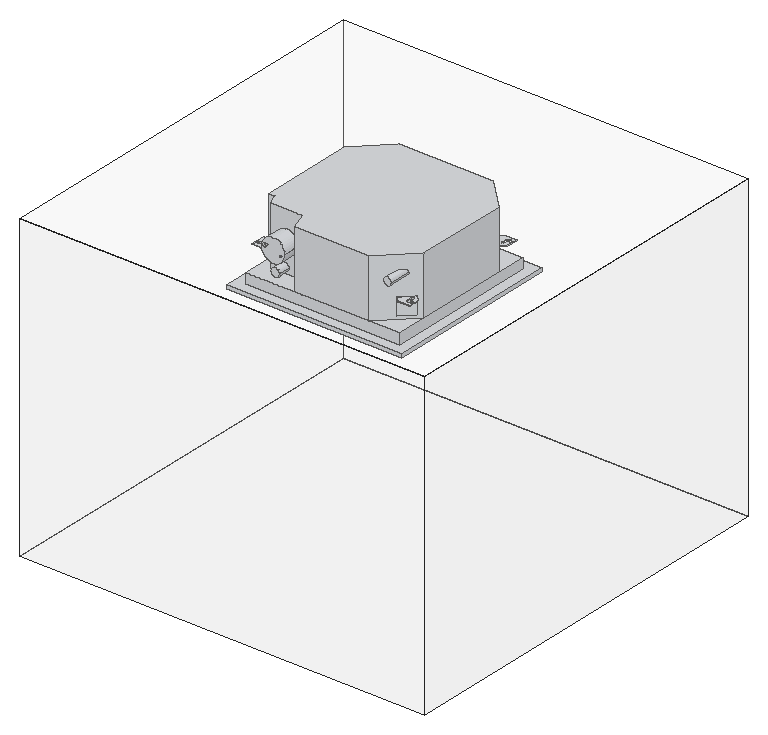
Revit family "pl-rp28_80ga7_50hz", category 機械設備, Revit 2019
Family settings
  丸型コネクタ寸法 = 直径を使用
  パーツ タイプ = 標準
  OmniClass 番号 = 23.75.10.24.21.27.27
  OmniClass タイトル = Split System Air Conditioning Units
  作業面ベース = いいえ
  常に垂直 = はい
  ロード時にボイドで切り取り = いいえ
  共有 = いいえ
  部屋計算ポイント = はい
Parameters (values of type "天井4方向_PL-RP80GA7")
  風量_静 (㎥/min) = 11
  風量_強 (㎥/min) = 15
  風量_弱 (㎥/min) = 12
  風量_中 (㎥/min) = 13.5
  風量 = MAX風量  # 900.0 m³/h
  音響パワーレベル(dB) = [音響パワーレベル_強 (dB)]  # 58
  音響パワーレベル_静 (dB) = 53
  音響パワーレベル_強 (dB) = 58
  音響パワーレベル_弱 (dB) = 54
  音響パワーレベル_中 (dB) = 56
  電源種別 = ""
  電源_H = 0 mm
  電圧 = 0 V
  電動機出力_送風機 = 0.05 kW
  運転質量 = 0.00 kg
  連動 = ""
  質量 = if(製品質量 > 運転質量, 製品質量, 運転質量) * 1.2  # 24.72 kg
  負荷分類 = 3_ファン類
  製品質量_本体 = 17.00 kg
  製品質量_パネル = 3.60 kg
  構成品番 = "PL-RP80GA7"
  ドレン管径 (外径) = 32 mm
  ドレン管径 = 25 mm
  サービススペース = yes
  【値が 0 の項目は組合せ形名にてご確認ください】 = ""
  URL = "https://www.mitsubishielectric.co.jp/ldg/wink/ssl/top.do"
  説明 = "店舗・事務所用パッケージエアコン(Mr.SLIM) [本体]4方向天井カセット形<コンパクトタイプ>"
  設計暖房能力 = 0.00 kW
  設計冷房能力_顕熱 = 0 kW
  設計冷房能力 = 0 kW
  設置方法 = "カセット形"
  記号 = ""
  製造元 = "三菱電機株式会社"
  製品質量 = 製品質量_本体 + 製品質量_パネル  # 20.60 kg
  製品出荷対象 = "国内"
  製品リリース年月 = ""
  製品グループ = ""
  系統 = ""
  符号 = "PAC-CK4"
  積算_科目 = "1 空気調和設備"
  積算_拾い区分 [instance] = ""
  相 = 1
  盤記号 = ""
  発停方法 = "付属スイッチ"
  特殊仕様 = ""
  火災停止 = ""
  消費電力_暖房 = 0.04 kW
  消費電力_冷房 = 0.04 kW
  消費電力 = if(消費電力_冷房 > 消費電力_暖房, 消費電力_冷房, 消費電力_暖房)  # 0.04 kW
  法定耐用年数 = "6"
  極数 = 1
  材質 = ""
  本体マテリアル = none
  有効加湿量 = 0
  暖房能力 = 8.00 kW
  推奨ブレーカー容量 = 0 A
  形式_加湿器 = ""
  形式 = "カセット形（4方向吹出形）"
  幹線記号 = ""
  始動方式 = "直入"
  呼称 = "パッケージ形空気調和機_室内機"
  周波数 = 50 Hz
  吊り位置Y = 507 mm
  吊り位置X = 640 mm
  吊りボルト_H = 134 mm
  台数_手元リモコン = ""
  台数_冷媒分岐ユニット = ""
  参照している仕様書等のバージョン = "公共建築工事標準仕様書（機械設備工事編）平成31年度版"
  加湿給水管径 = 0 mm
  分類コード = "5.0053E+13"
  分類グループ = ""
  冷房能力 = 7.1 kW
  冷媒高低圧ガス管径 = 0 mm
  冷媒管径符号 = "Bd"
  冷媒管径 = 100 mm
  冷媒液管高さ = 159 mm
  冷媒液管長さ = 75 mm
  冷媒液管径 = 9.5 mm
  冷媒ガス管高さ = 183 mm
  冷媒ガス管長さ = 80 mm
  冷媒ガス管径 = 15.9 mm
  企業コード = "108420"
  付属品_フィルター = ""
  付属品 = ""
  仕様書バージョン = "Version1.0"
  Model = ""
  パネルマテリアル = none
  ドレン管高さ = 227 mm
  コメント [instance] = ""
  ケーブル種類 = ""
  ケーブルサイズ = 0 mm
  Width = 670 mm
  Version = ""
  Uniclass2015Version = "Systems v1.9"
  Uniclass2015Title = "Split coil remote air cooled condensing units"
  Uniclass2015Code = "Pr_70_65_03_84"
  SpecificationReference = ""
  SpecificationDescription = ""
  Revision = ""
  ProductInformation = ""
  Panel Width = 760 mm
  Panel Height = 15 mm
  Panel Depth = 760 mm
  OmniClassCode = "23-33 17 13 11"
  MIN風量 = [風量_静 (㎥/min)] * 60.0 m³/h  # 660.0 m³/h
  MID風量2 = [風量_弱 (㎥/min)] * 60.0 m³/h  # 720.0 m³/h
  MID風量 = [風量_中 (㎥/min)] * 60.0 m³/h  # 810.0 m³/h
  MAX風量 = [風量_強 (㎥/min)] * 60.0 m³/h  # 900.0 m³/h
  IfcTypeProduct = ""
  IfcProduct = ""
  IfcExportType = "AIRCONDITIONINGUNIT"
  IfcExportAs = "IfcUnitaryEquipmentType"
  Height = 298 mm
  Depth = 670 mm
  価格 = 0
  Clearance Top = 305 mm
  Clearance Right = 500 mm
  Clearance Left = 500 mm
  Clearance Front = 500 mm
  Clearance Bottom = 1000 mm
  Clearance Back = 500 mm
  Author = "三菱電機株式会社"
Types (8, lengths in mm): name | 風量_静 (㎥/min) | 風量_強 (㎥/min) | 風量_弱 (㎥/min) | 風量_中 (㎥/min) | 風量 | 音響パワーレベル(dB) | 音響パワーレベル_静 (dB) | 音響パワーレベル_強 (dB) | 音響パワーレベル_弱 (dB) | 音響パワーレベル_中 (dB) | 構成品番 | URL | 消費電力_暖房 | 消費電力_冷房 | 消費電力 | 暖房能力 | 冷房能力 | 冷媒管径符号 | 冷媒液管長さ | 冷媒液管径 | 冷媒ガス管長さ | 冷媒ガス管径 | MIN風量 | MID風量2 | MID風量 | MAX風量
  天井4方向_PL-RP28GA7 | 6.3 | 8.7 | 7.1 | 7.8 | 522.0 m³/h | 50 | 47 | 50 | 48 | 49 | "PL-RP28GA7" | "https://www.mitsubishielectric.co.jp/ldg/wink/ssl/top.do\"\"" | 0.03 kW | 0.03 kW | 0.03 kW | 2.80 kW | 2.5 kW | "Ac" | 71 | 6.4 | 76 | 12.7 | 378.0 m³/h | 426.0 m³/h | 468.0 m³/h | 522.0 m³/h
  天井4方向_PL-RP40GA7 | 8.5 | 12 | 9 | 9.5 | 720.0 m³/h | 53 | 48 | 53 | 49 | 51 | "PL-RP40GA7" | "https://www.mitsubishielectric.co.jp/ldg/wink/ssl/top.do" | 0.03 kW | 0.03 kW | 0.03 kW | 4.00 kW | 3.6 kW | "Ac" | 71 | 6.4 | 76 | 12.7 | 510.0 m³/h | 540.0 m³/h | 570.0 m³/h | 720.0 m³/h
  天井4方向_PL-RP45GA7 | 8.5 | 12 | 9 | 9.5 | 720.0 m³/h | 53 | 48 | 53 | 49 | 51 | "PL-RP45GA7" | "https://www.mitsubishielectric.co.jp/ldg/wink/ssl/top.do" | 0.03 kW | 0.03 kW | 0.03 kW | 4.50 kW | 4 kW | "Ac" | 71 | 6.4 | 76 | 12.7 | 510.0 m³/h | 540.0 m³/h | 570.0 m³/h | 720.0 m³/h
  天井4方向_PL-RP50GA7 | 9.5 | 12.5 | 10 | 12 | 750.0 m³/h | 54 | 49 | 54 | 50 | 53 | "PL-RP50GA7" | "https://www.mitsubishielectric.co.jp/ldg/wink/ssl/top.do" | 0.03 kW | 0.03 kW | 0.03 kW | 5.00 kW | 4.5 kW | "Ac" | 71 | 6.4 | 76 | 12.7 | 570.0 m³/h | 600.0 m³/h | 720.0 m³/h | 750.0 m³/h
  天井4方向_PL-RP56GA7 | 9.5 | 14 | 10 | 12.5 | 840.0 m³/h | 56 | 49 | 56 | 50 | 54 | "PL-RP56GA7" | "https://www.mitsubishielectric.co.jp/ldg/wink/ssl/top.do" | 0.03 kW | 0.03 kW | 0.03 kW | 5.60 kW | 5 kW | "Ac" | 71 | 6.4 | 76 | 12.7 | 570.0 m³/h | 600.0 m³/h | 750.0 m³/h | 840.0 m³/h
  天井4方向_PL-RP63GA7 | 10 | 14.5 | 11.5 | 13 | 870.0 m³/h | 57 | 50 | 57 | 53 | 55 | "PL-RP63GA7" | "https://www.mitsubishielectric.co.jp/ldg/wink/ssl/top.do" | 0.04 kW | 0.04 kW | 0.04 kW | 6.30 kW | 5.6 kW | "Ac" | 71 | 6.4 | 76 | 12.7 | 600.0 m³/h | 690.0 m³/h | 780.0 m³/h | 870.0 m³/h
  天井4方向_PL-RP71GA7 | 11 | 15 | 12 | 13.5 | 900.0 m³/h | 58 | 53 | 58 | 54 | 56 | "PL-RP71GA7" | "https://www.mitsubishielectric.co.jp/ldg/wink/ssl/top.do" | 0.04 kW | 0.04 kW | 0.04 kW | 7.10 kW | 6.3 kW | "Bd" | 75 | 9.5 | 80 | 15.9 | 660.0 m³/h | 720.0 m³/h | 810.0 m³/h | 900.0 m³/h
  天井4方向_PL-RP80GA7 | 11 | 15 | 12 | 13.5 | 900.0 m³/h | 58 | 53 | 58 | 54 | 56 | "PL-RP80GA7" | "https://www.mitsubishielectric.co.jp/ldg/wink/ssl/top.do" | 0.04 kW | 0.04 kW | 0.04 kW | 8.00 kW | 7.1 kW | "Bd" | 75 | 9.5 | 80 | 15.9 | 660.0 m³/h | 720.0 m³/h | 810.0 m³/h | 900.0 m³/h
Reference planes
  plane 1 "中心(正面/背面)": y = 0
  plane 2: z = 0
  plane 3 "中心(左/右)": x = 0
  plane 4: x = -380
  plane 5: x = 380
  plane 6: y = 380
  plane 7: y = -380
  plane 8: z = 298
  plane 9: z = 305
  plane 10: x = -320
  plane 11: x = 320
  plane 12: y = 253.5
  plane 13: y = -253.5
  plane 14: z = 46
  plane 15: y = 335
  plane 16: y = -335
  plane 17: x = -335
  plane 18: x = 335
  plane 19: x = -880
  plane 20: x = 880
  plane 21: y = 880
  plane 22: y = -880
  plane 23: z = 298
  plane 24: z = -15
  plane 25: z = -1015
  plane 26: z = 305
  plane 27 "冷媒管基準面": y = -255
  plane 28: x = -186
  plane 29: z = 159
  plane 30: y = -335
  plane 31: y = -330
Forms (mm)
  Extrusion 1, solid, detail levels fine
    sketch origin (0, -255, 15) x (1, 0, 0) y (0, 0, 1)
      loop
        circle (-186, 144) r 3.175
    from 0 to 75
  Extrusion 2, solid, detail levels fine
    sketch origin (-67, -255, 39) x (1, 0, 0) y (0, 0, 1)
      loop
        circle (-186, 144) r 6.35
    from 0 to 80
Dimensions and locks
  equal spacing: plane 4, plane 3 "中心(左/右)", plane 5
  plane 4 to plane 5 = 760 mm
  equal spacing: plane 7, plane 1 "中心(正面/背面)", plane 6
  plane 7 to plane 6 = 760 mm
  locked: plane 12 to plane 6 at 126.5
  plane 7 to plane 13 = 126.5 mm
  plane 4 to plane 10 = 60 mm
  locked: plane 11 to plane 5 at 60
  "吊り位置X": plane 10 to plane 11
  equal spacing: plane 10, plane 3 "中心(左/右)", plane 11
  equal spacing: plane 13, plane 1 "中心(正面/背面)", plane 12
  "吊り位置Y": plane 13 to plane 12
  equal spacing: plane 16, plane 1 "中心(正面/背面)", plane 15
  "Depth": plane 16 to plane 15
  equal spacing: plane 17, plane 3 "中心(左/右)", plane 18
  "Width": plane 17 to plane 18
  locked: plane 14 to level at 46
  "Clearance Left": plane 19 to plane 4
  "Clearance Right": plane 5 to plane 20
  "Clearance Back": plane 6 to plane 21
  locked: level to plane 24 at 15
  "Clearance Bottom": plane 24 to plane 25
  "Clearance Front": plane 22 to plane 7
  "Clearance Top": plane 26 to plane 2
  "Height": level to nested 3
  plane 29 to plane 2 = 159 mm
  nested 3 to level = 134 mm
  "冷媒液管長さ": plane 31 to plane 27 "冷媒管基準面"
  "冷媒ガス管長さ": plane 30 to plane 27 "冷媒管基準面"
  aligned and locked: level to plane 2
  aligned and locked: plane 10 to nested 2
  aligned and locked: plane 11 to nested 2
  aligned and locked: nested 2 to plane 12
  aligned and locked: plane 13 to nested 2
  aligned and locked: plane 19 to nested 1
  aligned and locked: plane 20 to nested 1
  aligned and locked: plane 22 to nested 1
  aligned and locked: plane 21 to nested 1
  aligned and locked: plane 25 to nested 1
  aligned and locked: plane 5 to nested 3
  aligned and locked: plane 15 to nested 3
  aligned and locked: plane 6 to nested 3
  aligned and locked: plane 7 to nested 3
  aligned and locked: plane 26 to nested 1
  aligned and locked: plane 31 to Extrusion 1
  aligned and locked: plane 30 to Extrusion 2
Automatic sketch dimensions
  Extrusion 1 sketch curve to plane 28 = 0 mm
  Extrusion 1 sketch curve to plane 29 = 0 mm
  plane 29 to Extrusion 2 sketch curve = 24 mm
  plane 10 to Extrusion 2 sketch curve = 67 mm
  radius of Extrusion 1 sketch curve = 3.175 mm
  radius of Extrusion 2 sketch curve = 6.35 mm
Nested families
  nested 1: "サービススペース" at (0, 0, -355), visible <- "サービススペース", type "サービススペース", detail levels fine
    with Width 1760 mm, Height 1320 mm, Depth 1760 mm
  nested 2: "固定点" at (-320, -253.5, 0), type "固定点"
    with W 640 mm, D 507 mm
  nested 3: "PL-RP_GA" at (0, 0, 0), type "PL-RP_GA"
    with ユニット表示 yes, 液配管サイズ 9.5 mm, 冷媒液管径-Y 75 mm, 冷媒ガス管径-Y 80 mm, ガス配管サイズ 15.9 mm
Connectors
  piping at (-219.5, -330, 171), diameter 100, driven by "冷媒管径", driven by "冷媒管径符号"
    settings: on nested 3, index 1, connector inside diameter 609.6 mm, connector length 0 mm, flow factor 0, pipe flow 0.0 L/s, pressure drop 0.0 Pa, fitting loss kfactor 0, connector angle 0.00°, fixture units 0, engagement length 0 mm, angle of deflection 0.00°, flow configuration 1, flow direction 1, fitting loss method 4, system type 7, joint type 0, gender type 0, connector reference index -1, connector utility 0, adjustable connector no, is connector primary yes, connector description "Bd"
  piping at (281, -332, 227), diameter 25, driven by "ドレン管径"
    settings: on nested 3, index 2, connector inside diameter 609.6 mm, connector length 0 mm, flow factor 0, pipe flow 0.0 L/s, pressure drop 0.0 Pa, fitting loss kfactor 0, connector angle 0.00°, fixture units 0, engagement length 0 mm, angle of deflection 0.00°, flow configuration 1, flow direction 2, fitting loss method 4, system type 16, joint type 0, gender type 0, connector reference index -1, connector utility 0, adjustable connector no, is connector primary no, connector description ""
  electrical at (-230, -305, 70), driven by "極数", driven by "負荷分類", driven by "電圧", driven by "消費電力"
    settings: on nested 3, index 3, voltage 0 V, apparent load 40 VA, apparent load phase1 0 VA, apparent load phase2 0 VA, apparent load phase3 0 VA, power factor 1, load classification "3_ファン類", number of poles 1, system type 30, power factor state 1, is connector primary yes, connector utility no, sub classification motor no, connector description ""
Definition of nested family "サービススペース"
  Parameters (values of type "サービススペース")
    Width [instance] = 500 mm
    Height [instance] = 500 mm
    Depth [instance] = 500 mm
  Reference planes
    plane 1 "中心(正面/背面)": y = 0
    plane 2: z = 0
    plane 3 "中心(左/右)": x = 0
    plane 4: y = -250
    plane 5: x = 250
    plane 6: y = 250
    plane 7: x = -250
    plane 8: z = 250
    plane 9: z = -250
  Forms (mm)
    Extrusion 1, solid
      sketch origin (-638.939, 0, 72.39) x (1, 0, 0) y (0, 1, 0)
        loop
          line (388.939, 250) -> (388.939, -250) -> (888.939, -250) -> (888.939, 250) -> (388.939, 250)
      from -322.39 to 177.61
  Lines and regions (mm)
    symbolic lines
      curve 1: line (-250, 0, 250) -> (250, 0, 250)
      curve 2: line (-250, 0, -250) -> (-250, 0, 250)
      curve 3: line (250, 0, -250) -> (-250, 0, -250)
      curve 4: line (250, 0, 250) -> (250, 0, -250)
      curve 5: line (0, -250, 250) -> (0, 250, 250)
      curve 6: line (0, -250, -250) -> (0, -250, 250)
      curve 7: line (0, 250, -250) -> (0, -250, -250)
      curve 8: line (0, 250, 250) -> (0, 250, -250)
      curve 9: line (-250, 250, 0) -> (250, 250, 0)
      curve 10: line (-250, -250, 0) -> (-250, 250, 0)
      curve 11: line (250, -250, 0) -> (-250, -250, 0)
      curve 12: line (250, 250, 0) -> (250, -250, 0)
  Dimensions and locks
    equal spacing: plane 7, plane 3 "中心(左/右)", plane 5
    equal spacing: plane 4, plane 1 "中心(正面/背面)", plane 6
    "Depth": plane 4 to plane 6
    "Width": plane 7 to plane 5
    equal spacing: plane 8, plane 2, plane 9
    "Height": plane 8 to plane 9
    aligned and locked: plane 9 to curve 3
    aligned and locked: plane 7 to curve 2
    aligned and locked: curve 4 to plane 5
    aligned and locked: plane 5 to Extrusion 1
    aligned and locked: Extrusion 1 to plane 7
    aligned and locked: Extrusion 1 to plane 9
    aligned and locked: plane 8 to Extrusion 1
    aligned and locked: plane 9 to curve 7
  Automatic sketch dimensions
    plane 4 to Extrusion 1 sketch curve = 0 mm
    Extrusion 1 sketch curve to plane 7 = 0 mm
    Extrusion 1 sketch curve to plane 5 = 0 mm
    plane 6 to Extrusion 1 sketch curve = 0 mm
    curve 2 to plane 8 = 0 mm
    plane 4 to curve 11 = 0 mm
    curve 11 to plane 7 = 0 mm
    curve 11 to plane 5 = 0 mm
    plane 6 to curve 10 = 0 mm
    curve 7 to plane 4 = 0 mm
    curve 7 to plane 6 = 0 mm
    curve 6 to plane 8 = 0 mm
Definition of nested family "PL-RP_GA"
  Parameters (values of type "PL-RP○○GA3")
    配線取出口サイズ = 36 mm
    配線取出口-Z = 70 mm
    配線取出口-Y = 50 mm
    配線取出口-X = 230 mm
    液配管サイズ = 6.4 mm
    A = 幅さ + 90 mm  # 760 mm
    高さ = 298 mm
    奥行き = 670 mm
    吊りボルト_H = 134 mm
    冷媒配管 = 100 mm
    冷媒液管径-Z = 159 mm
    冷媒液管径-Y = 71 mm
    冷媒液管径-X = 186 mm
    冷媒ガス管径-Z = 183 mm
    冷媒ガス管径-Y = 76 mm
    冷媒ガス管径-X = 253 mm
    ユニット表示 [instance] = yes
    ボルトピッチ = 507 mm
    ドレン配管サイズ = 32 mm
    ドレン管径-Z = 227 mm
    ドレン管径-Y = 77 mm
    ドレン管径-X = 281 mm
    ガス配管サイズ = 12.7 mm
    D = 幅さ - 30 mm  # 640 mm
    幅さ = 670 mm
    B = 幅さ + 40 mm  # 710 mm
  Reference planes
    plane 1 "中心(正面/背面)": y = 0
    plane 2: z = 0
    plane 3 "中心(左/右)": x = 0
    plane 4: x = -355
    plane 5: x = 355
    plane 6: x = -335
    plane 7: x = 335
    plane 8: x = -320
    plane 9: x = 320
    plane 10: y = 253.5
    plane 11: y = -253.5
    plane 12: y = 335
    plane 13: y = -335
    plane 14: x = -380
    plane 15: x = 380
    plane 16: z = -15
    plane 17: z = 46
    plane 18: z = 298
    plane 19: z = 134
    plane 20: z = 136
    plane 21: z = 227
    plane 22: z = 159
    plane 23: z = 183
    plane 24: z = 60
    plane 25: y = 380
    plane 26: y = -380
    plane 27: x = -253
    plane 28: x = -150
    plane 29: x = -123
    plane 30: x = -186
    plane 31: x = 281
    plane 32: x = 202
    plane 33: y = -255
    plane 34: y = -207
    plane 35: y = -331
    plane 36: y = -326
    plane 37 "ドレン管接続口": y = -332
    plane 38: y = -202
    plane 39: y = 291.5
    plane 40: y = 275.5
    plane 41: y = 263.5
    plane 42: x = -326
    plane 43: x = -314
    plane 44: x = -343
    plane 45: x = 314
    plane 46: x = 326
    plane 47: x = 343
    plane 48: y = -291.5
    plane 49: y = -275.5
    plane 50: y = -263.5
    plane 51: x = -230
    plane 52: y = 202
    plane 53: x = -202
    plane 54: z = 70
    plane 55: y = -305
  Forms (mm)
    Extrusion 1, solid, visible <- "ユニット表示"
      sketch origin (0, 0, 0) x (1, 0, 0) y (0, 1, 0)
        loop
          line (-380, 380) -> (-380, -380) -> (380, -380) -> (380, 380) -> (-380, 380)
      from -15 to 0
    Extrusion 2, solid, visible <- "ユニット表示", detail levels fine
      sketch origin (0, 0, 0) x (1, 0, 0) y (0, 1, 0)
        loop
          line (-203.39, 335) -> (-335, 203.39) -> (-335, -207) -> (-309.258, -207) -> (-288.883, -255) -> (-150, -255) -> (-123.033, -335) -> (202, -335) -> (335, -202) -> (335, 203.39) -> (203.39, 335) -> (-203.39, 335)
      from 46 to 298
    Extrusion 3, solid, visible <- "ユニット表示", detail levels fine
      sketch origin (0, 0, 0) x (1, 0, 0) y (0, 1, 0)
        loop
          line (335, 335) -> (-335, 335) -> (-335, -335) -> (335, -335) -> (335, 335)
      from 0 to 46
    Extrusion 4, solid, visible <- "ユニット表示", detail levels fine
      sketch origin (0, 0, 0) x (1, 0, 0) y (0, 0, 1)
        loop
          circle (-219.5, 171) r 50
      from 255 to 326
    Extrusion 5, solid, visible <- "ユニット表示", detail levels fine
      sketch origin (0, 0, 0) x (1, 0, 0) y (0, 1, 0)
        loop
          line (-343, -291.5) -> (-300.314, -291.5) -> (-290.686, -250.751) -> (-306.998, -212.324) -> (-343, -227.606) -> (-343, -263.5) -> (-329, -263.5)
          arc (-329, -263.5) -> (-326.879, -262.621) -> (-326, -260.5) r 3
          line (-326, -260.5) -> (-326, -249.5)
          arc (-326, -249.5) -> (-320, -243.5) -> (-314, -249.5) r 6
          line (-314, -249.5) -> (-314, -269.478)
          arc (-314, -269.478) -> (-315.757, -273.721) -> (-320, -275.5) r 6
          line (-320, -275.5) -> (-343, -275.5) -> (-343, -291.5)
        loop
          line (-343, 275.5) -> (-320, 275.5)
          arc (-320, 275.5) -> (-315.757, 273.743) -> (-314, 269.5) r 6
          line (-314, 269.5) -> (-314, 249.5)
          arc (-314, 249.5) -> (-320, 243.5) -> (-326, 249.5) r 6
          line (-326, 249.5) -> (-326, 260.5)
          arc (-326, 260.5) -> (-326.879, 262.621) -> (-329, 263.5) r 3
          line (-329, 263.5) -> (-343, 263.5) -> (-343, 244.959) -> (-318.215, 220.175) -> (-270.214, 268.176) -> (-293.539, 291.5) -> (-343, 291.5) -> (-343, 275.5)
        loop
          line (343, 291.5) -> (293.539, 291.5) -> (270.214, 268.176) -> (318.215, 220.175) -> (343, 244.959) -> (343, 263.5) -> (329, 263.5)
          arc (329, 263.5) -> (326.879, 262.621) -> (326, 260.5) r 3
          line (326, 260.5) -> (326, 249.5)
          arc (326, 249.5) -> (320, 243.5) -> (314, 249.5) r 6
          line (314, 249.5) -> (314, 269.5)
          arc (314, 269.5) -> (315.757, 273.743) -> (320, 275.5) r 6
          line (320, 275.5) -> (343, 275.5) -> (343, 291.5)
        loop
          line (293.539, -291.5) -> (343, -291.5) -> (343, -275.5) -> (320, -275.5)
          arc (320, -275.5) -> (315.757, -273.743) -> (314, -269.5) r 6
          line (314, -269.5) -> (314, -249.5)
          arc (314, -249.5) -> (320, -243.5) -> (326, -249.5) r 6
          line (326, -249.5) -> (326, -260.5)
          arc (326, -260.5) -> (326.879, -262.621) -> (329, -263.5) r 3
          line (329, -263.5) -> (343, -263.5) -> (343, -244.959) -> (317.52, -219.48) -> (269.519, -267.481) -> (293.539, -291.5)
      from 134 to 136
    Extrusion 6, solid, visible <- "ユニット表示", detail levels fine
      sketch origin (0, 0, 0) x (1, 0, 0) y (0, 1, 0)
        loop
          line (-306.998, -212.324) -> (-308.839, -213.105) -> (-291.463, -254.04) -> (-289.622, -253.258) -> (-306.998, -212.324)
        loop
          line (-271.629, 269.59) -> (-319.63, 221.589) -> (-318.245, 220.204) -> (-270.244, 268.205) -> (-271.629, 269.59)
        loop
          line (271.629, 269.59) -> (270.244, 268.205) -> (318.245, 220.204) -> (319.63, 221.589) -> (271.629, 269.59)
        loop
          line (270.934, -268.895) -> (318.935, -220.894) -> (317.52, -219.48) -> (269.519, -267.481) -> (270.934, -268.895)
      from 60 to 136
    Extrusion 7, solid, visible <- "ユニット表示", detail levels fine
      sketch origin (0, 0, 0) x (1, 0, 0) y (0, 0, 1)
        loop
          circle (-230, 70) r 18
      from 255 to 305
    Extrusion 8, solid, detail levels fine
      sketch origin (0, -332, 0) x (-1, 0, 0) y (0, 0, 1)
        loop
          circle (-281, 227) r 16
      from 0 to 100
  Cuts and joins
    joined: Extrusion 5, Extrusion 6
  Dimensions and locks
    equal spacing: plane 4, plane 3 "中心(左/右)", plane 5
    "B": plane 4 to plane 5
    equal spacing: plane 6, plane 3 "中心(左/右)", plane 7
    "幅さ": plane 6 to plane 7
    equal spacing: plane 8, plane 3 "中心(左/右)", plane 9
    "D": plane 8 to plane 9
    equal spacing: plane 11, plane 1 "中心(正面/背面)", plane 10
    "ボルトピッチ": plane 10 to plane 11
    equal spacing: plane 12, plane 1 "中心(正面/背面)", plane 13
    "奥行き": plane 12 to plane 13
    "A": plane 14 to plane 15
    equal spacing: plane 14, plane 3 "中心(左/右)", plane 15
    locked: plane 2 to plane 16 at 15
    locked: plane 17 to plane 2 at 46
    "吊りボルト_H": plane 19 to level
    locked: plane 20 to plane 19 at 2
    "ドレン管径-Z": plane 21 to level
    "冷媒液管径-Z": plane 22 to level
    "冷媒ガス管径-Z": plane 23 to level
    plane 24 to level = 60 mm
    equal spacing: plane 25, plane 1 "中心(正面/背面)", plane 26
    "A": plane 25 to plane 26
    locked: plane 6 to plane 28 at 185
    locked: plane 6 to plane 29 at 212
    locked: plane 32 to plane 7 at 133
    "冷媒ガス管径-X": plane 27 to plane 3 "中心(左/右)"
    "冷媒液管径-X": plane 30 to plane 3 "中心(左/右)"
    "ドレン管径-X": plane 3 "中心(左/右)" to plane 31
    locked: plane 33 to plane 13 at 80
    locked: plane 34 to plane 13 at 128
    "冷媒ガス管径-Y": plane 33 to plane 35
    "冷媒液管径-Y": plane 33 to plane 36
    "ドレン管径-Y": plane 33 to plane 37 "ドレン管接続口"
    locked: plane 38 to plane 13 at 133
    equal spacing: plane 30, Extrusion 4 sketch curve, plane 27
    equal spacing: plane 23, Extrusion 4 sketch curve, plane 22
    locked: plane 44 to plane 8 at 23
    plane 42 to plane 8 to plane 43 = 6 mm locked, 6 mm locked
    locked: plane 9 to plane 47 at 23
    plane 45 to plane 9 to plane 46 = 6 mm locked, 6 mm locked
    plane 11 to plane 50 to plane 49 to plane 48 = 10 mm locked, 12 mm locked, 16 mm locked
    plane 39 to plane 40 to plane 41 to plane 10 = 16 mm locked, 12 mm locked, 10 mm locked
    locked: Extrusion 5 sketch curve to plane 11 at 4  (x2)
    locked: plane 10 to Extrusion 5 sketch curve at 4  (x2)
    "配線取出口-X": plane 51 to plane 3 "中心(左/右)"
    "配線取出口-Z": plane 54 to level
    "配線取出口-Y": plane 33 to plane 55
    locked: cut or joined group of Extrusion 5, Extrusion 6 to Extrusion 6 sketch curve at 2
    locked: Extrusion 6 sketch curve to Extrusion 2 at 2  (x3)
    "高さ": plane 18 to level
    "冷媒配管": diameter of Extrusion 4 sketch curve
    radius of Extrusion 5 sketch curve = 6 mm  (x8)
    radius of Extrusion 5 sketch curve = 3 mm  (x4)
    "配線取出口サイズ": diameter of Extrusion 7 sketch curve
    aligned and locked: level to plane 2
    aligned and locked: Extrusion 1 sketch curve to plane 25
    aligned and locked: plane 14 to Extrusion 1 sketch curve
    aligned and locked: plane 26 to Extrusion 1 sketch curve
    aligned and locked: Extrusion 1 sketch curve to plane 15
    aligned and locked: level to Extrusion 1
    aligned and locked: Extrusion 1 to plane 16
    aligned and locked: plane 18 to Extrusion 2
    aligned and locked: Extrusion 2 to plane 17
    aligned and locked: Extrusion 3 sketch curve to plane 7
    aligned and locked: Extrusion 3 sketch curve to plane 13
    aligned and locked: Extrusion 3 sketch curve to plane 6
    aligned and locked: Extrusion 3 sketch curve to plane 12
    aligned and locked: Extrusion 3 to level
    aligned and locked: plane 17 to Extrusion 3
    aligned and locked: plane 28 to Extrusion 2 sketch curve
    aligned and locked: plane 34 to Extrusion 2 sketch curve
    aligned and locked: Extrusion 2 sketch curve to plane 13
    aligned and locked: Extrusion 2 sketch curve to plane 7
    aligned and locked: Extrusion 2 sketch curve to plane 12
    aligned and locked: Extrusion 2 sketch curve to plane 6
    aligned and locked: plane 7 to Extrusion 2 sketch curve
    aligned and locked: plane 38 to Extrusion 2 sketch curve
    aligned and locked: plane 32 to Extrusion 2 sketch curve
    aligned and locked: plane 13 to Extrusion 2 sketch curve
    aligned and locked: plane 44 to Extrusion 5 sketch curve  (x2)
    aligned and locked: Extrusion 5 sketch curve to plane 50
    aligned and locked: plane 49 to Extrusion 5 sketch curve
    aligned and locked: Extrusion 5 sketch curve to plane 48
    aligned and locked: plane 43 to Extrusion 5 sketch curve
    aligned and locked: plane 42 to Extrusion 5 sketch curve  (x2)
    aligned and locked: Extrusion 6 to plane 24
    aligned and locked: plane 20 to Extrusion 6
    aligned and locked: plane 39 to Extrusion 5 sketch curve  (x2)
    aligned and locked: Extrusion 5 sketch curve to plane 44  (x2)
    aligned and locked: plane 41 to Extrusion 5 sketch curve  (x2)
    aligned and locked: Extrusion 5 sketch curve to plane 40  (x2)
    aligned and locked: Extrusion 5 sketch curve to plane 43
    aligned and locked: Extrusion 5 sketch curve to Extrusion 2  (x3)
    aligned and locked: plane 47 to Extrusion 5 sketch curve  (x4)
    aligned and locked: plane 45 to Extrusion 5 sketch curve  (x2)
    aligned and locked: Extrusion 5 sketch curve to plane 46  (x2)
    aligned and locked: plane 50 to Extrusion 5 sketch curve
    aligned and locked: plane 48 to Extrusion 5 sketch curve
    aligned and locked: Extrusion 5 sketch curve to plane 49
    aligned and locked: plane 51 to Extrusion 7 sketch curve
    aligned and locked: plane 54 to Extrusion 7 sketch curve
    aligned and locked: Extrusion 7 to Extrusion 2
    aligned and locked: plane 55 to Extrusion 7
    aligned and locked: cut or joined group of Extrusion 5, Extrusion 6 to cut or joined group of Extrusion 5, Extrusion 6  (x2)
    aligned and locked: Extrusion 6 sketch curve to cut or joined group of Extrusion 5, Extrusion 6  (x3)
    aligned and locked: cut or joined group of Extrusion 5, Extrusion 6 to Extrusion 6 sketch curve  (x2)
    aligned and locked: Extrusion 2 to Extrusion 6 sketch curve
    aligned and locked: cut or joined group of Extrusion 5, Extrusion 6 to plane 19
    aligned and locked: plane 20 to cut or joined group of Extrusion 5, Extrusion 6
    aligned and locked: Extrusion 4 to plane 36
  Automatic sketch dimensions
    Extrusion 2 sketch curve to plane 33 = 0 mm
    plane 43 to Extrusion 2 sketch curve = 4.742 mm
    plane 43 to Extrusion 2 sketch curve = 25.117 mm
    Extrusion 2 sketch curve to plane 30 = 17.39 mm
    Extrusion 2 sketch curve to plane 29 = 0.033 mm
    plane 32 to Extrusion 2 sketch curve = 1.39 mm
    Extrusion 2 sketch curve to plane 10 = 50.11 mm  (x2)
    Extrusion 5 sketch curve to plane 8 = 0 mm
    Extrusion 5 sketch curve to plane 8 = 13.002 mm
    Extrusion 5 sketch curve to plane 43 = 13.686 mm
    plane 50 to Extrusion 5 sketch curve = 12.749 mm
    Extrusion 5 sketch curve to Extrusion 5 sketch curve = 9.627 mm
    Extrusion 5 sketch curve to plane 50 = 5.978 mm
    plane 34 to Extrusion 5 sketch curve = 20.606 mm
    plane 8 to Extrusion 6 sketch curve = 1.755 mm
    Extrusion 6 sketch curve to plane 11 = 0.54 mm
    Extrusion 6 sketch curve to Extrusion 6 sketch curve = 1.385 mm
    Extrusion 6 sketch curve to plane 49 = 6.605 mm
    Extrusion 6 sketch curve to plane 9 = 2.48 mm
    Extrusion 6 sketch curve to Extrusion 6 sketch curve = 1.414 mm
    Extrusion 5 sketch curve to plane 8 = 1.785 mm
    Extrusion 5 sketch curve to plane 41 = 4.676 mm  (x2)
    plane 9 to Extrusion 5 sketch curve = 1.785 mm
    Extrusion 5 sketch curve to plane 50 = 3.981 mm
    plane 9 to Extrusion 5 sketch curve = 2.48 mm
    Extrusion 8 sketch curve to plane 21 = 0 mm
    Extrusion 8 sketch curve to plane 31 = 0 mm
    radius of Extrusion 8 sketch curve = 16 mm
Definition of nested family "固定点"
  Parameters (values of type "固定点")
    中心円 = 20 mm
    W [instance] = 1000 mm
    D [instance] = 1000 mm
  Reference planes
    plane 1 "中心(正面/背面)": y = 0
    plane 2: z = 0
    plane 3 "中心(左/右)": x = 0
    plane 4: x = 1000
    plane 5: y = 1000
  Lines and regions (mm)
    symbolic lines, detail levels fine
      curve 1: circle (0, 1000, 0) r 10 normal (0, 0, 1)
      curve 2: circle (0, 0, 0) r 10 normal (0, 0, 1)
      curve 3: circle (1000, 1000, 0) r 10 normal (0, 0, 1)
      curve 4: circle (1000, 0, 0) r 10 normal (0, 0, 1)
      curve 5: line (-200, 1000, 0) -> (1200, 1000, 0)
      curve 6: line (-200, 0, 0) -> (1200, 0, 0)
      curve 7: line (0, 1200, 0) -> (0, -200, 0)
      curve 8: line (1000, 1200, 0) -> (1000, -200, 0)
  Dimensions and locks
    "W": plane 3 "中心(左/右)" to plane 4
    "D": plane 1 "中心(正面/背面)" to plane 5
    "中心円": diameter of curve 1
    "中心円": diameter of curve 2
    "中心円": diameter of curve 3
    "中心円": diameter of curve 4
    aligned and locked: level to plane 2
    aligned and locked: plane 5 to curve 1
    aligned and locked: plane 3 "中心(左/右)" to curve 1
    aligned and locked: plane 3 "中心(左/右)" to curve 2
    aligned and locked: plane 1 "中心(正面/背面)" to curve 2
    aligned and locked: plane 4 to curve 3
    aligned and locked: plane 5 to curve 3
    aligned and locked: plane 1 "中心(正面/背面)" to curve 4
    aligned and locked: plane 4 to curve 4
    aligned and locked: plane 1 "中心(正面/背面)" to curve 6
    aligned and locked: curve 7 to plane 3 "中心(左/右)"
    aligned and locked: curve 8 to plane 4
  Automatic sketch dimensions
    curve 5 to plane 5 = 0 mm
    curve 6 to plane 3 "中心(左/右)" = 200 mm
    curve 5 to plane 3 "中心(左/右)" = 200 mm
    curve 4 to curve 6 = 200 mm
    curve 3 to curve 5 = 200 mm
    plane 1 "中心(正面/背面)" to curve 8 = 200 mm
    plane 1 "中心(正面/背面)" to curve 7 = 200 mm
    curve 3 to curve 8 = 200 mm
    curve 1 to curve 7 = 200 mm
